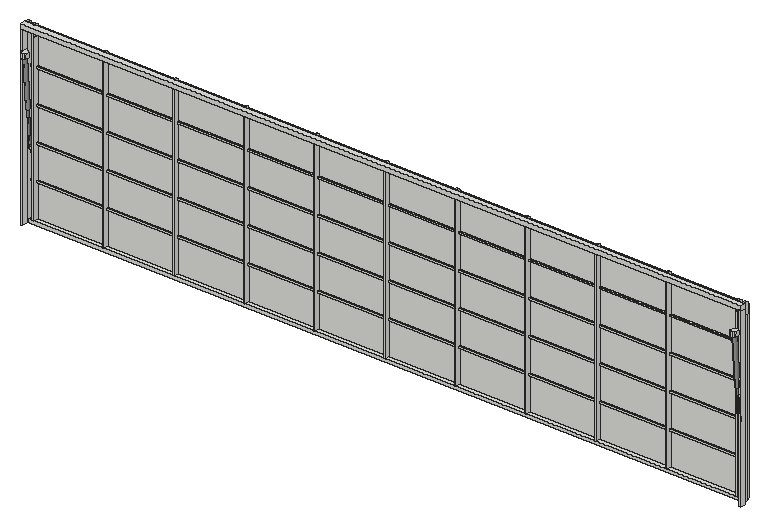
Revit family "Door-Hydraulic-PowerLift-Max_Frame", category Doors, host Wall, Revit 2026 (continued)
Types (168): name | Rough Width | Rough Opening Width | Rough Opening Height | Rough Height | Height | Width | Bottom Truss Interior | Bottom Truss Exterior
  34'W x 22'H | 34' - 0" | 33' - 6" | 21' - 6" | 22' - 0" | 22' - 0" | 34' - 0" | no | yes
  34'W x 24'H | 34' - 0" | 33' - 6" | 23' - 6" | 24' - 0" | 24' - 0" | 34' - 0" | no | yes
  34'W x 26'H | 34' - 0" | 33' - 6" | 25' - 6" | 26' - 0" | 26' - 0" | 34' - 0" | no | yes
  34'W x 28'H | 34' - 0" | 33' - 6" | 27' - 6" | 28' - 0" | 28' - 0" | 34' - 0" | no | yes
  36'W x 22'H | 36' - 0" | 35' - 6" | 21' - 6" | 22' - 0" | 22' - 0" | 36' - 0" | no | yes
  36'W x 24'H | 36' - 0" | 35' - 6" | 23' - 6" | 24' - 0" | 24' - 0" | 36' - 0" | no | yes
  36'W x 26'H | 36' - 0" | 35' - 6" | 25' - 6" | 26' - 0" | 26' - 0" | 36' - 0" | no | yes
  36'W x 28'H | 36' - 0" | 35' - 6" | 27' - 6" | 28' - 0" | 28' - 0" | 36' - 0" | no | yes
  38'W x 22'H | 38' - 0" | 37' - 6" | 21' - 6" | 22' - 0" | 22' - 0" | 38' - 0" | no | yes
  38'W x 24'H | 38' - 0" | 37' - 6" | 23' - 6" | 24' - 0" | 24' - 0" | 38' - 0" | no | yes
  38'W x 26'H | 38' - 0" | 37' - 6" | 25' - 6" | 26' - 0" | 26' - 0" | 38' - 0" | no | yes
  38'W x 28'H | 38' - 0" | 37' - 6" | 27' - 6" | 28' - 0" | 28' - 0" | 38' - 0" | no | yes
  40'W x 22'H | 40' - 0" | 39' - 6" | 21' - 6" | 22' - 0" | 22' - 0" | 40' - 0" | no | yes
  40'W x 24'H | 40' - 0" | 39' - 6" | 23' - 6" | 24' - 0" | 24' - 0" | 40' - 0" | no | yes
  40'W x 26'H | 40' - 0" | 39' - 6" | 25' - 6" | 26' - 0" | 26' - 0" | 40' - 0" | no | yes
  42'W x 22'H | 42' - 0" | 41' - 6" | 21' - 6" | 22' - 0" | 22' - 0" | 42' - 0" | no | yes
  42'W x 24'H | 42' - 0" | 41' - 6" | 23' - 6" | 24' - 0" | 24' - 0" | 42' - 0" | no | yes
  42'W x 26'H | 42' - 0" | 41' - 6" | 25' - 6" | 26' - 0" | 26' - 0" | 42' - 0" | no | yes
  44'W x 22'H | 44' - 0" | 43' - 6" | 21' - 6" | 22' - 0" | 22' - 0" | 44' - 0" | no | yes
  44'W x 24'H | 44' - 0" | 43' - 6" | 23' - 6" | 24' - 0" | 24' - 0" | 44' - 0" | no | yes
  44'W x 26'H | 44' - 0" | 43' - 6" | 25' - 6" | 26' - 0" | 26' - 0" | 44' - 0" | no | yes
  46'W x 22'H | 46' - 0" | 45' - 6" | 21' - 6" | 22' - 0" | 22' - 0" | 46' - 0" | no | yes
  46'W x 24'H | 46' - 0" | 45' - 6" | 23' - 6" | 24' - 0" | 24' - 0" | 46' - 0" | no | yes
  46'W x 26'H | 46' - 0" | 45' - 6" | 25' - 6" | 26' - 0" | 26' - 0" | 46' - 0" | no | yes
  48'W x 22'H | 48' - 0" | 47' - 6" | 21' - 6" | 22' - 0" | 22' - 0" | 48' - 0" | no | yes
  48'W x 24'H | 48' - 0" | 47' - 6" | 23' - 6" | 24' - 0" | 24' - 0" | 48' - 0" | no | yes
  48'W x 26'H | 48' - 0" | 47' - 6" | 25' - 6" | 26' - 0" | 26' - 0" | 48' - 0" | no | yes
  50'W x 22'H | 50' - 0" | 49' - 6" | 21' - 6" | 22' - 0" | 22' - 0" | 50' - 0" | no | yes
  50'W x 24'H | 50' - 0" | 49' - 6" | 23' - 6" | 24' - 0" | 24' - 0" | 50' - 0" | no | yes
  50'W x 26'H | 50' - 0" | 49' - 6" | 25' - 6" | 26' - 0" | 26' - 0" | 50' - 0" | no | yes
  52'W x 22'H | 52' - 0" | 51' - 6" | 21' - 6" | 22' - 0" | 22' - 0" | 52' - 0" | no | yes
  52'W x 24'H | 52' - 0" | 51' - 6" | 23' - 6" | 24' - 0" | 24' - 0" | 52' - 0" | no | yes
  52'W x 26'H | 52' - 0" | 51' - 6" | 25' - 6" | 26' - 0" | 26' - 0" | 52' - 0" | no | yes
  54'W x 22'H | 54' - 0" | 53' - 6" | 21' - 6" | 22' - 0" | 22' - 0" | 54' - 0" | no | yes
  54'W x 24'H | 54' - 0" | 53' - 6" | 23' - 6" | 24' - 0" | 24' - 0" | 54' - 0" | no | yes
  54'W x 26'H | 54' - 0" | 53' - 6" | 25' - 6" | 26' - 0" | 26' - 0" | 54' - 0" | no | yes
  56'W x 22'H | 56' - 0" | 55' - 6" | 21' - 6" | 22' - 0" | 22' - 0" | 56' - 0" | no | yes
  56'W x 24'H | 56' - 0" | 55' - 6" | 23' - 6" | 24' - 0" | 24' - 0" | 56' - 0" | no | yes
  58'W x 22'H | 58' - 0" | 57' - 6" | 21' - 6" | 22' - 0" | 22' - 0" | 58' - 0" | no | yes
  58'W x 24'H | 58' - 0" | 57' - 6" | 23' - 6" | 24' - 0" | 24' - 0" | 58' - 0" | no | yes
  60'W x 22'H | 60' - 0" | 59' - 6" | 21' - 6" | 22' - 0" | 22' - 0" | 60' - 0" | no | yes
  60'W x 24'H | 60' - 0" | 59' - 6" | 23' - 6" | 24' - 0" | 24' - 0" | 60' - 0" | no | yes
  62'W x 22'H | 62' - 0" | 61' - 6" | 21' - 6" | 22' - 0" | 22' - 0" | 62' - 0" | no | yes
  62'W x 24'H | 62' - 0" | 61' - 6" | 23' - 6" | 24' - 0" | 24' - 0" | 62' - 0" | no | yes
  64'W x 22'H | 64' - 0" | 63' - 6" | 21' - 6" | 22' - 0" | 22' - 0" | 64' - 0" | no | yes
  64'W x 24'H | 64' - 0" | 63' - 6" | 23' - 6" | 24' - 0" | 24' - 0" | 64' - 0" | no | yes
  66'W x 20'H | 66' - 0" | 65' - 6" | 19' - 6" | 20' - 0" | 20' - 0" | 66' - 0" | no | yes
  66'W x 22'H | 66' - 0" | 65' - 6" | 21' - 6" | 22' - 0" | 22' - 0" | 66' - 0" | no | yes
  66'W x 24'H | 66' - 0" | 65' - 6" | 23' - 6" | 24' - 0" | 24' - 0" | 66' - 0" | no | yes
  68'W x 20'H | 68' - 0" | 67' - 6" | 19' - 6" | 20' - 0" | 20' - 0" | 68' - 0" | no | yes
  68'W x 22'H | 68' - 0" | 67' - 6" | 21' - 6" | 22' - 0" | 22' - 0" | 68' - 0" | no | yes
  68'W x 24'H | 68' - 0" | 67' - 6" | 23' - 6" | 24' - 0" | 24' - 0" | 68' - 0" | no | yes
  70'W x 20'H | 70' - 0" | 69' - 6" | 19' - 6" | 20' - 0" | 20' - 0" | 70' - 0" | no | yes
  70'W x 22'H | 70' - 0" | 69' - 6" | 21' - 6" | 22' - 0" | 22' - 0" | 70' - 0" | no | yes
  70'W x 24'H | 70' - 0" | 69' - 6" | 23' - 6" | 24' - 0" | 24' - 0" | 70' - 0" | no | yes
  72'W x 18'H | 72' - 0" | 71' - 6" | 17' - 6" | 18' - 0" | 18' - 0" | 72' - 0" | no | yes
  72'W x 20'H | 72' - 0" | 71' - 6" | 19' - 6" | 20' - 0" | 20' - 0" | 72' - 0" | no | yes
  72'W x 22'H | 72' - 0" | 71' - 6" | 21' - 6" | 22' - 0" | 22' - 0" | 72' - 0" | no | yes
  72'W x 24'H | 72' - 0" | 71' - 6" | 23' - 6" | 24' - 0" | 24' - 0" | 72' - 0" | no | yes
  74'W x 18'H | 74' - 0" | 73' - 6" | 17' - 6" | 18' - 0" | 18' - 0" | 74' - 0" | no | yes
  74'W x 20'H | 74' - 0" | 73' - 6" | 19' - 6" | 20' - 0" | 20' - 0" | 74' - 0" | no | yes
  74'W x 22'H | 74' - 0" | 73' - 6" | 21' - 6" | 22' - 0" | 22' - 0" | 74' - 0" | no | yes
  74'W x 24'H | 74' - 0" | 73' - 6" | 23' - 6" | 24' - 0" | 24' - 0" | 74' - 0" | no | yes
  76'W x 18'H | 76' - 0" | 75' - 6" | 17' - 6" | 18' - 0" | 18' - 0" | 76' - 0" | no | yes
  76'W x 20'H | 76' - 0" | 75' - 6" | 19' - 6" | 20' - 0" | 20' - 0" | 76' - 0" | no | yes
  76'W x 22'H | 76' - 0" | 75' - 6" | 21' - 6" | 22' - 0" | 22' - 0" | 76' - 0" | no | yes
  76'W x 24'H | 76' - 0" | 75' - 6" | 23' - 6" | 24' - 0" | 24' - 0" | 76' - 0" | no | yes
  78'W x 18'H | 78' - 0" | 77' - 6" | 17' - 6" | 18' - 0" | 18' - 0" | 78' - 0" | no | yes
  78'W x 20'H | 78' - 0" | 77' - 6" | 19' - 6" | 20' - 0" | 20' - 0" | 78' - 0" | no | yes
  78'W x 22'H | 78' - 0" | 77' - 6" | 21' - 6" | 22' - 0" | 22' - 0" | 78' - 0" | no | yes
  78'W x 24'H | 78' - 0" | 77' - 6" | 23' - 6" | 24' - 0" | 24' - 0" | 78' - 0" | no | yes
  80'W x 18'H | 80' - 0" | 79' - 6" | 17' - 6" | 18' - 0" | 18' - 0" | 80' - 0" | no | yes
  80'W x 20'H | 80' - 0" | 79' - 6" | 19' - 6" | 20' - 0" | 20' - 0" | 80' - 0" | no | yes
  80'W x 22'H | 80' - 0" | 79' - 6" | 21' - 6" | 22' - 0" | 22' - 0" | 80' - 0" | no | yes
  82'W x 12'H | 82' - 0" | 81' - 6" | 11' - 6" | 12' - 0" | 12' - 0" | 82' - 0" | no | yes
  82'W x 14'H | 82' - 0" | 81' - 6" | 13' - 6" | 14' - 0" | 14' - 0" | 82' - 0" | no | yes
  82'W x 16'H | 82' - 0" | 81' - 6" | 15' - 6" | 16' - 0" | 16' - 0" | 82' - 0" | no | yes
  82'W x 18'H | 82' - 0" | 81' - 6" | 17' - 6" | 18' - 0" | 18' - 0" | 82' - 0" | no | yes
  82'W x 20'H | 82' - 0" | 81' - 6" | 19' - 6" | 20' - 0" | 20' - 0" | 82' - 0" | no | yes
  82'W x 22'H | 82' - 0" | 81' - 6" | 21' - 6" | 22' - 0" | 22' - 0" | 82' - 0" | no | yes
  84'W x 12'H | 84' - 0" | 83' - 6" | 11' - 6" | 12' - 0" | 12' - 0" | 84' - 0" | no | yes
  84'W x 14'H | 84' - 0" | 83' - 6" | 13' - 6" | 14' - 0" | 14' - 0" | 84' - 0" | no | yes
  84'W x 16'H | 84' - 0" | 83' - 6" | 15' - 6" | 16' - 0" | 16' - 0" | 84' - 0" | no | yes
  84'W x 18'H | 84' - 0" | 83' - 6" | 17' - 6" | 18' - 0" | 18' - 0" | 84' - 0" | no | yes
  84'W x 20'H | 84' - 0" | 83' - 6" | 19' - 6" | 20' - 0" | 20' - 0" | 84' - 0" | no | yes
  86'W x 12'H | 86' - 0" | 85' - 6" | 11' - 6" | 12' - 0" | 12' - 0" | 86' - 0" | no | yes
  86'W x 14'H | 86' - 0" | 85' - 6" | 13' - 6" | 14' - 0" | 14' - 0" | 86' - 0" | no | yes
  86'W x 16'H | 86' - 0" | 85' - 6" | 15' - 6" | 16' - 0" | 16' - 0" | 86' - 0" | no | yes
  86'W x 18'H | 86' - 0" | 85' - 6" | 17' - 6" | 18' - 0" | 18' - 0" | 86' - 0" | no | yes
  86'W x 20'H | 86' - 0" | 85' - 6" | 19' - 6" | 20' - 0" | 20' - 0" | 86' - 0" | no | yes
  88'W x 12'H | 88' - 0" | 87' - 6" | 11' - 6" | 12' - 0" | 12' - 0" | 88' - 0" | no | yes
  88'W x 14'H | 88' - 0" | 87' - 6" | 13' - 6" | 14' - 0" | 14' - 0" | 88' - 0" | no | yes
  88'W x 16'H | 88' - 0" | 87' - 6" | 15' - 6" | 16' - 0" | 16' - 0" | 88' - 0" | no | yes
  88'W x 18'H | 88' - 0" | 87' - 6" | 17' - 6" | 18' - 0" | 18' - 0" | 88' - 0" | no | yes
  88'W x 20'H | 88' - 0" | 87' - 6" | 19' - 6" | 20' - 0" | 20' - 0" | 88' - 0" | no | yes
  90'W x 12'H | 90' - 0" | 89' - 6" | 11' - 6" | 12' - 0" | 12' - 0" | 90' - 0" | no | yes
  90'W x 14'H | 90' - 0" | 89' - 6" | 13' - 6" | 14' - 0" | 14' - 0" | 90' - 0" | no | yes
  90'W x 16'H | 90' - 0" | 89' - 6" | 15' - 6" | 16' - 0" | 16' - 0" | 90' - 0" | no | yes
  90'W x 18'H | 90' - 0" | 89' - 6" | 17' - 6" | 18' - 0" | 18' - 0" | 90' - 0" | no | yes
  92'W x 12'H | 92' - 0" | 91' - 6" | 11' - 6" | 12' - 0" | 12' - 0" | 92' - 0" | no | yes
  92'W x 14'H | 92' - 0" | 91' - 6" | 13' - 6" | 14' - 0" | 14' - 0" | 92' - 0" | no | yes
  92'W x 16'H | 92' - 0" | 91' - 6" | 15' - 6" | 16' - 0" | 16' - 0" | 92' - 0" | no | yes
  92'W x 18'H | 92' - 0" | 91' - 6" | 17' - 6" | 18' - 0" | 18' - 0" | 92' - 0" | no | yes
  94'W x 12'H | 94' - 0" | 93' - 6" | 11' - 6" | 12' - 0" | 12' - 0" | 94' - 0" | no | yes
  94'W x 14'H | 94' - 0" | 93' - 6" | 13' - 6" | 14' - 0" | 14' - 0" | 94' - 0" | no | yes
  94'W x 16'H | 94' - 0" | 93' - 6" | 15' - 6" | 16' - 0" | 16' - 0" | 94' - 0" | no | yes
  96'W x 12'H | 96' - 0" | 95' - 6" | 11' - 6" | 12' - 0" | 12' - 0" | 96' - 0" | no | yes
  96'W x 14'H | 96' - 0" | 95' - 6" | 13' - 6" | 14' - 0" | 14' - 0" | 96' - 0" | no | yes
  96'W x 16'H | 96' - 0" | 95' - 6" | 15' - 6" | 16' - 0" | 16' - 0" | 96' - 0" | no | yes
  98'W x 12'H | 98' - 0" | 97' - 6" | 11' - 6" | 12' - 0" | 12' - 0" | 98' - 0" | no | yes
  98'W x 14'H | 98' - 0" | 97' - 6" | 13' - 6" | 14' - 0" | 14' - 0" | 98' - 0" | no | yes
